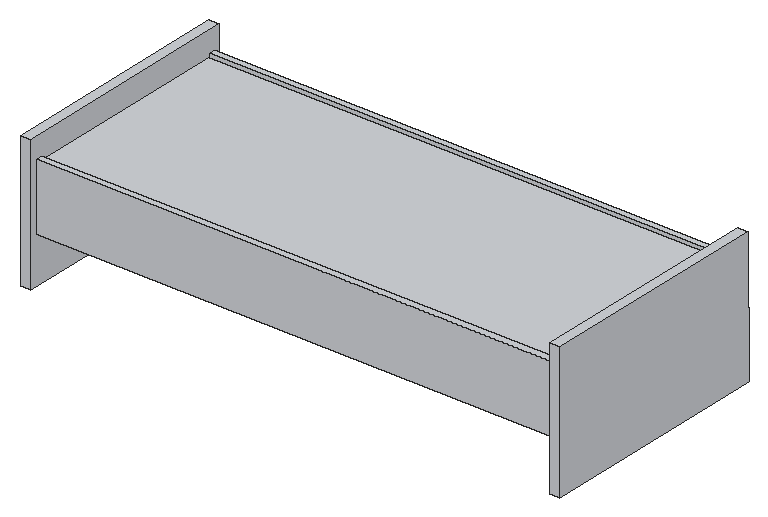
Revit family "АВЛН_Кровать", category Мебель, Revit 2019
Family settings
  Номер OmniClass = 23.40.20.00
  Заголовок OmniClass = General Furniture and Specialties
  На основе рабочей плоскости = Нет
  Всегда вертикально = Да
  При загрузке вырезать с полостями = Нет
  Общий = Нет
  Точка расчета площади = Нет
Parameters (values of type "Кровать подростковая габ.1600х700мм")
  Описание = "Кровать подростковая; габ.1600х700мм"
  Type Comments = ""
  Keynote = ""
  Изготовитель = "Торговая сеть"
  Группа модели = "Оборудование основных помещений школы"  # constant formula
  ADSK_Размер_Ширина = 700 mm
  ADSK_Размер_Длина = 1600 mm
  ADSK_Размер_Высота = 400 mm
  ADSK_Обозначение = ""
  ADSK_Масса = 0
  ADSK_Код изделия = ""
  ADSK_Единица измерения = "шт"  # constant formula
Reference planes
  plane 1 "По центру (Вперед/Назад)": y = 0
  plane 2: z = 0
  plane 3 "По центру (Влево/Вправо)": x = 0
  plane 4: z = 400
  plane 5: y = 350
  plane 6: x = 800
  plane 7: x = -800
  plane 8: y = -350
Forms (mm)
  Extrusion 1, solid
    sketch origin (0, -518.993, 592.976) x (-1, 0, 0) y (0, -1, 0)
      loop
        line (800, -868.993) -> (800, -168.993) -> (770, -168.993) -> (770, -868.993) -> (800, -868.993)
      loop
        line (-770, -868.993) -> (-770, -168.993) -> (-800, -168.993) -> (-800, -868.993) -> (-770, -868.993)
    from -592.976 to -192.976
  Extrusion 2, solid
    sketch origin (0, -518.993, 591.976) x (-1, 0, 0) y (0, -1, 0)
      loop
        line (770, -828.993) -> (-770, -828.993) -> (-770, -848.993) -> (770, -848.993) -> (770, -828.993)
      loop
        line (770, -188.993) -> (-770, -188.993) -> (-770, -208.993) -> (770, -208.993) -> (770, -188.993)
    from -452.122 to -252.122
  Extrusion 3, solid
    sketch origin (0, -518.993, 622.83) x (-1, 0, 0) y (0, -1, 0)
      loop
        line (770, -828.993) -> (770, -208.993) -> (-770, -208.993) -> (-770, -828.993) -> (770, -828.993)
    from -482.976 to -292.976
Lines and regions (mm)
  model lines
    curve 1: line (-225.513, -280, 329.854) -> (-314.705, -28.85, 329.854)
    curve 2: line (-314.705, -28.85, 329.854) -> (-492.031, -91.824, 329.854)
    curve 3: line (-492.031, -91.824, 329.854) -> (-225.513, -280, 329.854)
    curve 4: line (-225.513, -280, 329.854) -> (750, -280, 329.854)
    curve 5: line (750, -280, 329.854) -> (750, 280, 329.854)
    curve 6: line (750, 280, 329.854) -> (-492.031, 280, 329.854)
    curve 7: line (-492.031, 280, 329.854) -> (-492.031, -91.824, 329.854)
    curve 8: line (-98.66, -30, 329.854) -> (28.985, 63.327, 329.854)
    curve 9: line (28.985, 63.327, 329.854) -> (156.63, -30, 329.854)
    curve 10: line (156.63, -30, 329.854) -> (28.985, -123.327, 329.854)
    curve 11: line (28.985, -123.327, 329.854) -> (-98.66, -30, 329.854)
    curve 12: line (-132.547, -30, 329.854) -> (28.985, 88.102, 329.854)
    curve 13: line (28.985, 88.102, 329.854) -> (190.516, -30, 329.854)
    curve 14: line (190.516, -30, 329.854) -> (28.985, -148.102, 329.854)
    curve 15: line (28.985, -148.102, 329.854) -> (-132.547, -30, 329.854)
    curve 16: line (-566.192, 50.522, 329.854) -> (-546.471, -20.532, 329.854)
    curve 17: line (-546.471, -20.532, 329.854) -> (-540.539, -171.508, 329.854)
    curve 18: line (-540.539, -171.508, 329.854) -> (-672.539, -182.696, 329.854)
    curve 19: line (-672.539, -182.696, 329.854) -> (-755.74, -172.39, 329.854)
    curve 20: line (-755.74, -172.39, 329.854) -> (-742.462, -16.075, 329.854)
    curve 21: line (-742.462, -16.075, 329.854) -> (-760.049, 183.768, 329.854)
    curve 22: line (-760.049, 183.768, 329.854) -> (-654.765, 204.151, 329.854)
    curve 23: line (-654.765, 204.151, 329.854) -> (-521.758, 163.835, 329.854)
    curve 24: line (-521.758, 163.835, 329.854) -> (-546.471, -20.532, 329.854)
    curve 25: line (-742.462, -16.075, 329.854) -> (-713.711, -78.911, 329.854)
Dimensions and locks
  plane 2 to plane 4 = 400 mm
  equal spacing: plane 8, plane 1 "По центру (Вперед/Назад)", plane 5
  equal spacing: plane 7, plane 3 "По центру (Влево/Вправо)", plane 6
  "ADSK_Размер_Длина": plane 7 to plane 6
  "ADSK_Размер_Ширина": plane 5 to plane 8
  "ADSK_Размер_Высота": plane 2 to plane 4
  locked: Extrusion 1 sketch curve to Extrusion 1 sketch curve at 30  (x2)
  plane 5 to Extrusion 2 sketch curve to Extrusion 2 sketch curve = 20 mm locked, 20 mm locked
  Extrusion 2 sketch curve to Extrusion 2 sketch curve to plane 8 = 20 mm locked, 20 mm locked
  Extrusion 2 to Extrusion 2 to plane 4 = 200 mm locked, 60.146 mm locked
  locked: Extrusion 3 to Extrusion 2 at 10
  aligned and locked: level to plane 2
  aligned and locked: plane 8 to Extrusion 1 sketch curve
  aligned and locked: Extrusion 1 sketch curve to plane 7
  aligned and locked: Extrusion 1 sketch curve to plane 5
  aligned and locked: plane 5 to Extrusion 1 sketch curve
  aligned and locked: Extrusion 1 sketch curve to plane 8
  aligned and locked: Extrusion 1 sketch curve to plane 6
  aligned and locked: Extrusion 1 to level
  aligned and locked: Extrusion 1 to plane 4
  aligned and locked: Extrusion 2 sketch curve to Extrusion 1  (x4)
  aligned and locked: Extrusion 2 to Extrusion 1  (x2)
  aligned and locked: Extrusion 3 sketch curve to Extrusion 2  (x4)
  aligned and locked: Extrusion 3 to Extrusion 2
Automatic sketch dimensions
  curve 4 to Extrusion 3 = 20 mm
  curve 14 to Extrusion 3 = 280 mm
  curve 14 to Extrusion 3 = 579.484 mm
  curve 10 to Extrusion 3 = 280 mm
  curve 13 to curve 10 = 33.886 mm
  curve 15 to Extrusion 3 = 161.898 mm
  curve 9 to curve 15 = 127.645 mm
  curve 11 to Extrusion 3 = 186.673 mm
  curve 11 to curve 14 = 0 mm
  curve 9 to Extrusion 3 = 246.673 mm
  curve 9 to curve 9 = 127.645 mm
  curve 13 to Extrusion 3 = 221.898 mm
  curve 13 to curve 8 = 0 mm
  curve 11 to Extrusion 3 = 280 mm
  curve 10 to curve 11 = 127.645 mm
  curve 15 to Extrusion 3 = 280 mm
  curve 8 to curve 15 = 33.886 mm
  curve 3 to Extrusion 3 = 30 mm
  curve 15 to curve 3 = 92.967 mm
  curve 15 to curve 2 = 182.158 mm
  curve 1 to curve 3 = 177.326 mm
  curve 6 to curve 24 = 29.727 mm
  curve 2 to curve 17 = 48.509 mm
  curve 2 to curve 17 = 54.441 mm
  curve 23 to Extrusion 3 = 115.235 mm
  curve 18 to Extrusion 3 = 97.461 mm
  curve 21 to Extrusion 3 = 27.538 mm
  curve 19 to Extrusion 3 = 14.26 mm
  curve 21 to Extrusion 3 = 9.951 mm
  curve 23 to Extrusion 3 = 146.165 mm
  curve 21 to Extrusion 3 = 126.232 mm
  curve 23 to Extrusion 3 = 105.849 mm
  curve 6 to Extrusion 3 = 30 mm
  curve 21 to curve 21 = 199.843 mm
  curve 23 to curve 17 = 184.367 mm
  curve 1 to curve 15 = 1.15 mm
  curve 2 to curve 18 = 79.684 mm
  curve 19 to Extrusion 3 = 137.61 mm
  curve 19 to curve 18 = 10.307 mm
  curve 16 to curve 16 = 19.721 mm
  curve 25 to Extrusion 3 = 56.289 mm
  curve 16 to curve 16 = 71.053 mm
  curve 20 to curve 25 = 62.836 mm
Nested families
  nested 1: "Элементы кровати" at (350, -120, 0), type "Одеяло Dreamline Бамбук Зима"
  nested 2: "Элементы кровати" at (38.388, -234.242, 0), type "Подушка средняя 95°C Grass Стеганая"
  nested 3: "Элементы кровати" at (138.388, 5.758, 0), type "Наматрасник Benartti Clean Plus"
  nested 4: "Элементы кровати" at (-181.612, 545.758, 0), type "Комплект постельного белья детский"
  nested 5: "Элементы кровати" at (-141.612, 65.758, 0), type "Матрас детский 1600х700мм"
Definition of nested family "Элементы кровати"
  Parameters (values of type "Комплект постельного белья детский")
    Description = "Комплект постельного белья детский, 1,5 спальный .\r\nТкань - хлопок (бязь, поплин)\r\nПростыня - 148х215\r\nПододеяльник - 148х210\r\nНаволочка - 50х70"
    Type Comments = ""
    Keynote = ""
    Manufacturer = "Торговая сеть,\r\nРоссия"
    Model = "Оборудование основных помещений школы"  # constant formula
    ADSK_Размер_Ширина = 600 mm
    ADSK_Размер_Длина = 500 mm
    ADSK_Размер_Высота = 600 mm
    ADSK_Обозначение = "Dreamline\r\n(или аналог)"
    ADSK_Масса = 0
    ADSK_Код изделия = ""
    ADSK_Единица измерения = "шт"  # constant formula
  Types (6, lengths in mm): name | Description | Manufacturer | ADSK_Обозначение
    (no name) | "Комплект постельного белья детский, 1,5 спальный .\r\nТкань - хлопок (бязь, поплин)\r\nПростыня - 148х215\r\nПододеяльник - 148х210\r\nНаволочка - 50х70" | "Торговая сеть,\r\nРоссия" | "Dreamline\r\n(или аналог)"
    Матрас детский 1600х700мм | "Матрас детский 1600х700мм\r\nНезависимые пружины TFK, натуральный латекс,\r\nкокосовая койра" | "Benartti\r\nРоссия" | "Benartti Baby Orto\r\nTFK"
    Наматрасник Benartti Clean Plus | "Наматрасник Benartti Clean Plus" | "Benartti\r\nРоссия" | "Benartti Clean Plus"
    Подушка средняя 95°C Grass Стеганая | "Подушка средняя 95°C Grass Стеганая, 50х68см,\r\nгипоаллергенная, наполнитель - полиэфирное 4-L\r\nволокно, Ткань чехла подушки – хлопок.." | "German Grass,\r\nАвстрия" | "95°C Grass"
    Одеяло Dreamline Бамбук Зима | "Одеяло Dreamline Бамбук Зима 140x200 см\r\nгипоаллергенное, 15% бамбукового волокна, 85%\r\nполиэстера" | "DreamLine,\r\nРоссия" | "Dreamline Бамбук\r\nЗима"
    Комплект постельного белья детский | "Комплект постельного белья детский, 1,5 спальный .\r\nТкань - хлопок (бязь, поплин)\r\nПростыня - 148х215\r\nПододеяльник - 148х210\r\nНаволочка - 50х70" | "Торговая сеть,\r\nРоссия" | "Dreamline\r\n(или аналог)"
  Reference planes
    plane 1 "По центру (Вперед/Назад)": y = 0
    plane 2: z = 0
    plane 3 "По центру (Влево/Вправо)": x = 0
    plane 4: z = 600
    plane 5: y = 300
    plane 6: x = 250
    plane 7: x = -250
    plane 8: y = -300
  Dimensions and locks
    plane 2 to plane 4 = 600 mm
    equal spacing: plane 8, plane 1 "По центру (Вперед/Назад)", plane 5
    equal spacing: plane 7, plane 3 "По центру (Влево/Вправо)", plane 6
    "ADSK_Размер_Длина": plane 7 to plane 6
    "ADSK_Размер_Ширина": plane 5 to plane 8
    "ADSK_Размер_Высота": plane 2 to plane 4
    aligned and locked: level to plane 2
